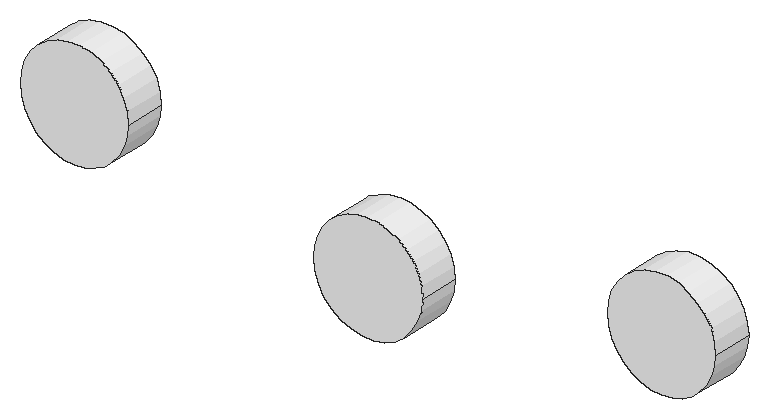
Revit family "Deca_Bide 3 furos suspenso_LK_B.232", category Plumbing Fixtures, host Face, Revit 2019
Family settings
  Host = Face
  Round Connector Dimension = Use Radius
  Part Type = Normal
  Cut with Voids When Loaded = No
  Shared = No
  Room Calculation Point = No
Parameters (values of type "B.232.17_Branco")
  WFU = 0
  Vazão na Pressão mín. (L/min) = "-"
  Vazão na Pressão máx. (L/min) = "-"
  URL = "www.deca.com.br"
  Tipo de rosca de saída = "-"
  Tipo de rosca de entrada = "-"
  Tipo de mecanismo utilizado = "-"
  Tipo de dispositivo economizador = "-"
  Segmento = "Banheiro Luxo"
  Saída de Esgoto = "Saída de Esgoto Horizontal"
  Raio Água Quente = 7.5 mm
  Raio Água Fria = 7.5 mm
  Raio Ponto de Esgoto = 20 mm
  Pressão mín. funcionamento = "-"
  Pressão mín. Aquec. Passagem = "-"
  Pressão mín. Aquec. Acúmulo = "-"
  Pressão máx. funcionamento = "-"
  Peso Líquido (Kg) = 26.218
  Norma = "NBR-16728-1;NBR-16728-2"
  Model = "B.232.17"
  Material = Deca_Branco
  Manufacturer = "Deca"
  Linha = "LK"
  Itens de Instalação = "1895.C14; 1895.C26; 1895.C33; 1895.C34; 1895.C35; 1895.C37; 1895.C38; 1895.C40.CR; 1895.C43; 1895.C50; 1895.C52; 1895.C64; 1895.C81; 1895.C84; 1895.C86; 1895.C87; 1895.C90; 1895.C94; SP.132.01"
  Informações Complementares = "-"
  Diâmetro Água Quente = 2 * Raio Água Quente  # 15 mm
  Diâmetro Água Fria = 2 * Raio Água Fria  # 15 mm
  Diâmetro Ponto de Esgoto = 2 * Raio Ponto de Esgoto  # 40 mm
  Description = "Bidê suspenso com 3 furos"
  Default Elevation = 0 mm
  Código Pai = "B.232"
  Criado por = "quattroD"
  Cores Componente = "Não Possui"
  Cor Secundária = "-"
  Cor Principal = "Branco"
  Cor Interna = "-"
  Consumo = "-"
  Composição Componente = "Não Possui"
  Composição Básica = "Argila, feldspato, caulim, vidrados e corantes inorgânicos."
  Composição Assento = "-"
  Composição Anel Vedação = "-"
  Categoria = "BACIAS E BIDES"
  CWFU = 0
  Atendimento ao Cliente = "0800-0117073"
  Assembly Code = ""
  Aprovado por = "quattroD"
  Acompanha o Produto = "-"
Reference planes
  plane 1 "Center (Front/Back)": y = 0
  plane 2: z = 0
  plane 3 "Center (Left/Right)": x = 0
  plane 4 "Top 3": y = 430
  plane 5 "Front 1": z = 549.241
  plane 6 "Left 1": x = -173.945
  plane 7 "Right 1": x = 173.945
  plane 8 "Top 1": y = 142
  plane 9: y = 240
  plane 10: y = 160
  plane 11: x = 45
  plane 12: x = -45
Forms (mm)
  Extrusion 1, solid, material "Deca_Branco" <- "Material", not visible
    sketch origin (0, 0, 0) x (1, 0, 0) y (0, 1, 0)
      loop
        circle (-44.977, 240.001) r 3
      loop
        circle (44.993, 240.043) r 3
      loop
        circle (0, 170) r 2.99
    from 0 to 0.758
  Extrusion 2, solid, material "Deca_Branco" <- "Material"
    sketch origin (0, 0, 0) x (1, 0, 0) y (0, 0, 1)
      loop
        circle (-0.169, 74.987) r 18.5
      loop
        circle (-100.169, 92.987) r 18.5
      loop
        circle (99.831, 92.987) r 18.5
    from -430 to -416.318
Lines and regions (mm)
  Masking region 1
    outline origin (0, 0, 0) x (1, 0, 0) y (0, 1, 0)
      loop
        line (127, 142) -> (175, 430) -> (-175, 430) -> (-127, 142) -> (127, 142)
  Masking region 2
    outline origin (0, 0, 0) x (1, 0, 0) y (0, 0, 1)
      loop
        line (-173.945, 374.943) -> (-173.945, 0) -> (173.529, 0) -> (173.529, 374.943)
        arc (173.529, 374.943) -> (-0.208, 548.68) -> (-173.945, 374.943) r 173.737
  Masking region 3
    outline origin (0, 0, 0) x (0, 1, 0) y (0, 0, 1)
      loop
        line (142, 0) -> (430, 0) -> (430, 550) -> (142, 500) -> (142, 0)
  symbolic lines
    curve 1: circle (-0.208, 0, 220) r 22 normal (0, -1, 0)
    curve 2: circle (-0.208, 0, 75) r 18.5 normal (0, -1, 0)
    curve 3: circle (-100.208, 0, 93) r 18.5 normal (0, -1, 0)
    curve 4: circle (99.792, 0, 93) r 18.5 normal (0, -1, 0)
    curve 5: circle (0.61, 0, 391.09) r 13.378 normal (0, -1, 0)
    curve 6: line (130.449, 0, 273.977) -> (130.449, 0, 385.469)
    curve 7: arc (130.449, 0, 385.469) -> (2.522, 0, 505.877) -> (-129.933, 0, 390.469) r 130.854
    curve 8: line (-129.933, 0, 390.469) -> (-129.933, 0, 265.469)
    curve 9: arc (130.449, 0, 273.977) -> (4.376, 0, 143.717) -> (-129.933, 0, 265.469) r 130.33
    curve 10: circle (-0.208, 0, 75) r 18.5 normal (0, -1, 0)
    curve 11: circle (-100.208, 0, 93) r 18.5 normal (0, -1, 0)
    curve 12: circle (99.792, 0, 93) r 18.5 normal (0, -1, 0)
  model lines
    curve 13: line (99.831, 430, 74.487) -> (99.831, 430, 111.487)
    curve 14: line (118.331, 430, 92.987) -> (81.331, 430, 92.987)
    curve 15: line (-0.169, 430, 93.487) -> (-0.169, 430, 56.487)
    curve 16: line (18.331, 430, 74.987) -> (-18.669, 430, 74.987)
    curve 17: line (-81.669, 430, 92.987) -> (-118.669, 430, 92.987)
    curve 18: line (-100.169, 430, 74.487) -> (-100.169, 430, 111.487)
Dimensions and locks
  aligned and locked: host face to plane 2
  aligned and locked: level to host face
Connectors
  piping at (-44.977, 240.001, 0.758), diameter 15, driven by "Raio Água Quente"
    settings: on Extrusion 1, index 1, connector inside diameter 24", connector length 0 mm, flow factor 0, pipe flow 0 GPM, pressure drop 0.00 psi, fitting loss kfactor 0, connector angle 0.00°, fixture units 0, engagement length 0 mm, angle of deflection 0.00°, flow configuration 3, flow direction 1, fitting loss method 4, system type 19, joint type 0, gender type 0, connector reference index -1, connector utility 0, adjustable connector no, is connector primary yes, connector description ""
  piping at (44.993, 240.043, 0), diameter 15, driven by "Raio Água Fria"
    settings: on Extrusion 1, index 2, connector inside diameter 24", connector length 0 mm, flow factor 0, pipe flow 0 GPM, pressure drop 0.00 psi, fitting loss kfactor 0, connector angle 0.00°, fixture units 0, engagement length 0 mm, angle of deflection 0.00°, flow configuration 3, flow direction 1, fitting loss method 4, system type 20, joint type 0, gender type 0, connector reference index -1, connector utility 0, adjustable connector no, is connector primary no, connector description ""
  piping at (0, 170, 0.758), diameter 40, driven by "Raio Ponto de Esgoto"
    settings: on Extrusion 1, index 3, connector inside diameter 24", connector length 0 mm, flow factor 0, pipe flow 0 GPM, pressure drop 0.00 psi, fitting loss kfactor 0, connector angle 0.00°, fixture units 0, engagement length 0 mm, angle of deflection 0.00°, flow configuration 3, flow direction 2, fitting loss method 4, system type 16, joint type 0, gender type 0, connector reference index -1, connector utility 0, adjustable connector no, is connector primary no, connector description ""
